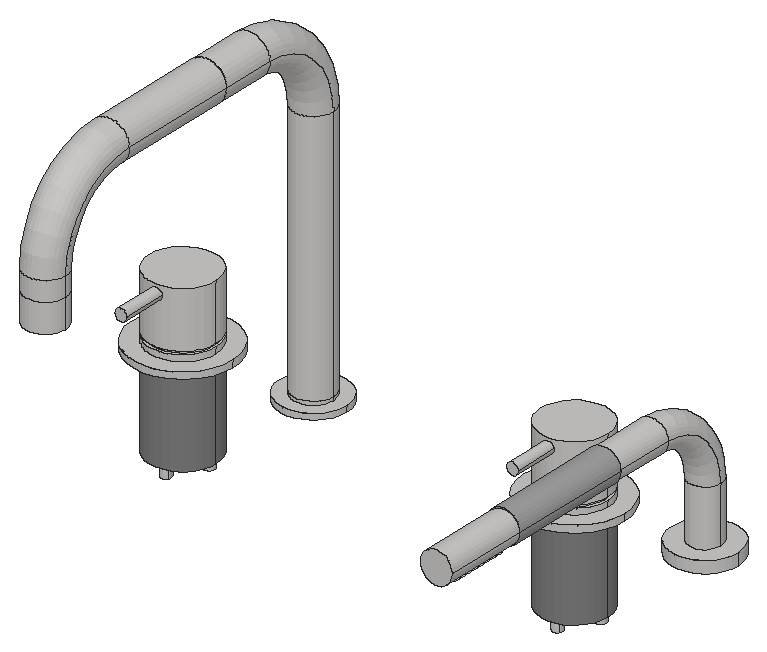
Revit family "SC10", category Plumbing Fixtures, Revit 2021
Family settings
  Round Connector Dimension = Use Diameter
  Part Type = Normal
  Work Plane-Based = No
  Always vertical = Yes
  Cut with Voids When Loaded = No
  Shared = No
  Room Calculation Point = No
Parameters
  e-mail = "info@vola.com"
  URL = "http://vola.com"
  Telephone = "+45 7023 5500"
  Quality management standard = "ISO 9001"
  Organisation no. / DUNS no. = "17531328"
  Occupational health and safety management standard = "ISO 18001"
  Mounting Instructions = "http://vola.com/service/producturl.ashx?name=SC10"
  Model = "SC10"
  Materials and components information = "http://vola.com/service/producturl.ashx?name=SC10"
  Manufacturer = "VOLA A/S"
  Maintenance Instructions = "http://vola.com/service/producturl.ashx?name=SC10"
  Guarantee = "2 years"
  Flow = "30,00 l/min"
  Environmental management standard = "ISO 14000"
  Default Elevation = 0.00 mm
  Connection - All relevant connections = "10mm flexible hose"
  Approvals = "http://vola.com/service/producturl.ashx?name=SC10"
Reference planes
  plane 1 "Center (Front/Back)": y = 0
  plane 2: z = 0
  plane 3 "Center (Left/Right)": x = 0
Dimensions and locks
  aligned and locked: plane 2 to level
Nested families
  nested 1: "090D" at (0, 0, 0), type "090D"
  nested 2: "500T1" at (234, 0, 0), type "500T1"
  nested 3: "2500" at (-78, 0, 0), type "2500"
Connectors
  piping at (-88.825, 6.25, -63), diameter 6
    settings: on nested 3, index 1, connector inside diameter 0.23622", connector length 0.00 mm, flow factor 0, pipe flow 0 GPM, pressure drop 0.00 psi, fitting loss kfactor 0, connector angle 0.00°, fixture units 0, engagement length 0.00 mm, angle of deflection 0.00°, flow configuration 0, flow direction 1, fitting loss method 0, system type 19, joint type 0, gender type 0, connector reference index -1, connector utility 0, adjustable connector no, is connector primary yes, connector description ""
  piping at (145.175, 6.25, -63), diameter 6
    settings: on nested 2, index 2, connector inside diameter 0.23622", connector length 0.00 mm, flow factor 0, pipe flow 0 GPM, pressure drop 0.00 psi, fitting loss kfactor 0, connector angle 0.00°, fixture units 0, engagement length 0.00 mm, angle of deflection 0.00°, flow configuration 0, flow direction 1, fitting loss method 0, system type 19, joint type 0, gender type 0, connector reference index -1, connector utility 0, adjustable connector no, is connector primary no, connector description ""
  piping at (-67.175, 6.25, -63), diameter 6
    settings: on nested 3, index 3, connector inside diameter 0.23622", connector length 0.00 mm, flow factor 0, pipe flow 0 GPM, pressure drop 0.00 psi, fitting loss kfactor 0, connector angle 0.00°, fixture units 0, engagement length 0.00 mm, angle of deflection 0.00°, flow configuration 0, flow direction 1, fitting loss method 0, system type 20, joint type 0, gender type 0, connector reference index -1, connector utility 0, adjustable connector no, is connector primary no, connector description ""
  piping at (166.825, 6.25, -63), diameter 6
    settings: on nested 2, index 4, connector inside diameter 0.23622", connector length 0.00 mm, flow factor 0, pipe flow 0 GPM, pressure drop 0.00 psi, fitting loss kfactor 0, connector angle 0.00°, fixture units 0, engagement length 0.00 mm, angle of deflection 0.00°, flow configuration 0, flow direction 1, fitting loss method 0, system type 20, joint type 0, gender type 0, connector reference index -1, connector utility 0, adjustable connector no, is connector primary no, connector description ""
Definition of nested family "090D"
  Parameters
    e-mail = "info@vola.com"
    URL = "http://vola.com"
    Telephone = "+45 7023 5500"
    Quality management standard = "ISO 9001"
    Organisation no. / DUNS no. = "17531328"
    Occupational health and safety management standard = "ISO 18001"
    Mounting Instructions = "http://vola.com/service/producturl.ashx?name=090D"
    Model = "090D"
    Materials and components information = "http://vola.com/service/producturl.ashx?name=090D"
    Manufacturer = "VOLA A/S"
    Maintenance Instructions = "http://vola.com/service/producturl.ashx?name=090D"
    Guarantee = "2 years"
    Environmental management standard = "ISO 14000"
    Default Elevation = 0.00 mm
    Connection - All relevant connections = ""
    Approvals = "http://vola.com/service/producturl.ashx?name=090D"
  Reference planes
    plane 1 "Center (Front/Back)": y = 0
    plane 2: z = 0
    plane 3 "Center (Left/Right)": x = 0
  Forms (mm)
    Sweep 1, solid
      path origin (0, 0, -1) x (0, 1, 0) y (0, 0, 1)
        loop
          line (0, 6.5) -> (0, 159)
          arc (0, 159) -> (-13.912, 192.588) -> (-47.5, 206.5) r 47.5
          line (-47.5, 206.5) -> (-80, 206.5)
      profile origin (0, 0, 81.75) x (0, -1, 0) y (1, 0, 0)
        loop
          circle (0, 0) r 12
    Extrusion 2, solid
      sketch origin (0, 0, 0) x (1, 0, 0) y (0, 1, 0)
        loop
          circle (0, 0) r 20
      from 0 to 3.5
    Extrusion 3, solid
      sketch origin (0, 0, 3.5) x (1, 0, 0) y (0, 1, 0)
        loop
          circle (0, 0) r 12
      from 0 to 2
    Sweep 4, solid
      path origin (0, 0, 1.5) x (0, 1, 0) y (0, 0, 1)
        loop
          line (-80, 204) -> (-152.5, 204)
          arc (-152.5, 204) -> (-186.088, 190.088) -> (-200, 156.5) r 47.5
          line (-200, 156.5) -> (-200, 145)
      profile origin (0, -116.25, 205.5) x (0, 0, -1) y (1, 0, 0)
        loop
          circle (0, 0) r 12
    Extrusion 5, solid
      sketch origin (0, -200, 146.5) x (0, -1, 0) y (-1, 0, 0)
        loop
          circle (0, 0) r 12
      from 0 to 17.2
  Cuts and joins
    joined: Sweep 1, Extrusion 2
  Dimensions and locks
    aligned and locked: plane 2 to level
Definition of nested family "500T1"
  Parameters
    e-mail = "info@vola.com"
    URL = "http://vola.com"
    Telephone = "+45 7023 5500"
    Quality management standard = "ISO 9001"
    Organisation no. / DUNS no. = "17531328"
    Occupational health and safety management standard = "ISO 18001"
    Mounting Instructions = "http://vola.com/service/producturl.ashx?name=500T1"
    Model = "500T1"
    Materials and components information = "http://vola.com/service/producturl.ashx?name=500T1"
    Manufacturer = "VOLA A/S"
    Maintenance Instructions = "http://vola.com/service/producturl.ashx?name=500T1"
    Guarantee = "2 years"
    Flow = "11,00 l/min"
    Environmental management standard = "ISO 14000"
    Default Elevation = 0.00 mm
    Connection - All relevant connections = "10mm flexible hose"
    Approvals = "http://vola.com/service/producturl.ashx?name=500T1"
  Reference planes
    plane 1 "Center (Front/Back)": y = 0
    plane 2: z = 0
    plane 3 "Center (Left/Right)": x = 0
  Dimensions and locks
    aligned and locked: plane 2 to level
  Nested families
    nested 1: "T1" at (0, 0, 0), type "T1"
    nested 2: "500" at (-78, 0, 0), type "500"
  Connectors
    piping at (-88.825, 6.25, -63), diameter 6
      settings: on nested 2, index 1, connector inside diameter 0.23622", connector length 0.00 mm, flow factor 0, pipe flow 0 GPM, pressure drop 0.00 psi, fitting loss kfactor 0, connector angle 0.00°, fixture units 0, engagement length 0.00 mm, angle of deflection 0.00°, flow configuration 0, flow direction 1, fitting loss method 0, system type 19, joint type 0, gender type 0, connector reference index -1, connector utility 0, adjustable connector no, is connector primary yes, connector description ""
    piping at (-67.175, 6.25, -63), diameter 6
      settings: on nested 2, index 2, connector inside diameter 0.23622", connector length 0.00 mm, flow factor 0, pipe flow 0 GPM, pressure drop 0.00 psi, fitting loss kfactor 0, connector angle 0.00°, fixture units 0, engagement length 0.00 mm, angle of deflection 0.00°, flow configuration 0, flow direction 1, fitting loss method 0, system type 20, joint type 0, gender type 0, connector reference index -1, connector utility 0, adjustable connector no, is connector primary no, connector description ""
  Definition of nested family "T1"
    Parameters
      e-mail = "info@vola.com"
      URL = "http://vola.com"
      Telephone = "+45 7023 5500"
      Quality management standard = "ISO 9001"
      Organisation no. / DUNS no. = "17531328"
      Occupational health and safety management standard = "ISO 18001"
      Mounting Instructions = "http://vola.com/service/producturl.ashx?name=T1"
      Model = "T1"
      Materials and components information = "http://vola.com/service/producturl.ashx?name=T1"
      Manufacturer = "VOLA A/S"
      Maintenance Instructions = "http://vola.com/service/producturl.ashx?name=T1"
      Guarantee = "2 years"
      Environmental management standard = "ISO 14000"
      Default Elevation = 0.00 mm
      Connection - All relevant connections = ""
      Approvals = "http://vola.com/service/producturl.ashx?name=T1"
    Reference planes
      plane 1 "Center (Front/Back)": y = 0
      plane 2: z = 0
      plane 3 "Center (Left/Right)": x = 0
    Forms (mm)
      Extrusion 1, solid
        sketch origin (0, 0, 0) x (1, 0, 0) y (0, 1, 0)
          loop
            circle (0, 0) r 20
        from 0 to 7
      Sweep 2, solid
        path origin (0, 0, 0) x (0, 1, 0) y (0, 0, 1)
          loop
            line (0, 7) -> (0, 40.5)
            arc (0, 40.5) -> (-11.569, 68.431) -> (-39.5, 80) r 39.5
            line (-39.5, 80) -> (-75.5, 80)
        profile origin (0, 0, 23.75) x (0, -1, 0) y (1, 0, 0)
          loop
            circle (0, 0) r 9.5
      Extrusion 3, solid
        sketch origin (0, -75.5, 80) x (1, 0, 0) y (0, 0, 1)
          loop
            circle (0, 0) r 10
        from 0 to 75
      Extrusion 4, solid
        sketch origin (0, -150.5, 80) x (1, 0, 0) y (0, 0, 1)
          loop
            circle (0, 0) r 9.5
        from 0 to 50
      Extrusion 5, solid
        sketch origin (0, 9.25, 62.884) x (1, 0, 0) y (0, 1, 0)
          loop
            circle (0, -200.45) r 1.225
          loop
            circle (0, -195.95) r 1.225
          loop
            circle (0, -191.45) r 1.225
          loop
            circle (0, -186.95) r 1.225
          loop
            circle (0, -182.45) r 1.225
          loop
            circle (0, -177.95) r 1.225
          loop
            circle (0, -173.45) r 1.225
          loop
            circle (0, -168.95) r 1.225
        from 7.116 to 10.217
      Extrusion 6, solid
        sketch origin (8.298, 9.25, 65.03) x (-0.87462, 0, -0.48481) y (0, -1, 0)
          loop
            circle (0, 200.45) r 1.225
          loop
            circle (0, 195.95) r 1.225
          loop
            circle (0, 191.45) r 1.225
          loop
            circle (0, 186.95) r 1.225
          loop
            circle (0, 182.45) r 1.225
          loop
            circle (0, 177.95) r 1.225
          loop
            circle (0, 173.45) r 1.225
          loop
            circle (0, 168.95) r 1.225
        from 7.116 to 10.217
      Extrusion 7, solid
        sketch origin (-8.298, 9.25, 65.03) x (0.87462, 0, -0.48481) y (0, 1, 0)
          loop
            circle (0, -200.45) r 1.225
          loop
            circle (0, -195.95) r 1.225
          loop
            circle (0, -191.45) r 1.225
          loop
            circle (0, -186.95) r 1.225
          loop
            circle (0, -182.45) r 1.225
          loop
            circle (0, -177.95) r 1.225
          loop
            circle (0, -173.45) r 1.225
          loop
            circle (0, -168.95) r 1.225
        from 7.116 to 10.217
    Cuts and joins
      joined: Extrusion 4, Extrusion 5, Extrusion 6, Extrusion 7
    Dimensions and locks
      aligned and locked: plane 2 to level
  Definition of nested family "500"
    Parameters
      e-mail = "info@vola.com"
      URL = "http://vola.com"
      Telephone = "+45 7023 5500"
      Quality management standard = "ISO 9001"
      Organisation no. / DUNS no. = "17531328"
      Occupational health and safety management standard = "ISO 18001"
      Mounting Instructions = "http://vola.com/service/producturl.ashx?name=500"
      Model = "500"
      Materials and components information = "http://vola.com/service/producturl.ashx?name=500"
      Manufacturer = "VOLA A/S"
      Maintenance Instructions = "http://vola.com/service/producturl.ashx?name=500"
      Guarantee = "2 years"
      Flow = "14,50 l/min"
      Environmental management standard = "ISO 14000"
      Default Elevation = 0.00 mm
      Connection - All relevant connections = "10mm flexible hose"
      Approvals = "http://vola.com/service/producturl.ashx?name=500"
    Reference planes
      plane 1 "Center (Front/Back)": y = 0
      plane 2: z = 0
      plane 3 "Center (Left/Right)": x = 0
    Forms (mm)
      Extrusion 1, solid
        sketch origin (0, 0, 0) x (1, 0, 0) y (0, 1, 0)
          loop
            circle (0, 0) r 30
        from 0 to 4
      Extrusion 2, solid
        sketch origin (0, 0, 7.5) x (1, 0, 0) y (0, 1, 0)
          loop
            circle (0, 0) r 18.25
        from 0 to 2
      Extrusion 3, solid
        sketch origin (0, 0, 9.5) x (1, 0, 0) y (0, 1, 0)
          loop
            circle (0, 0) r 20
        from 0 to 33.5
      Extrusion 4, solid
        sketch origin (0, 0, 3.25) x (1, 0, 0) y (0, 0, 1)
          loop
            circle (0, 34.5) r 3.5
        from 0 to 46
      Extrusion 5, solid
        sketch origin (0, 0, 0) x (0, 1, 0) y (1, 0, 0)
          loop
            circle (0, 0) r 20
        from 0 to 55
      Extrusion 6, solid
        sketch origin (0, 0, -55) x (0, 1, 0) y (1, 0, 0)
          loop
            circle (6.25, 10.825) r 3
          loop
            circle (6.25, -10.825) r 3
          loop
            circle (-12.5, 0) r 3
        from 0 to 8
      Extrusion 7, solid
        sketch origin (0, 0, 4) x (1, 0, 0) y (0, 1, 0)
          loop
            circle (0, 0) r 20
        from 0 to 3.5
    Cuts and joins
      joined: Extrusion 3, Extrusion 4
    Lines and regions (mm)
      model lines
        curve 1: line (6.05, -19.063, 43) -> (6.05, 19.063, 43)
        curve 2: line (-6.05, -19.063, 43) -> (-6.05, 19.063, 43)
      reference lines
        curve 3: line (-10.825, 6.25, -55) -> (-10.825, 6.25, -80)
        curve 4: line (10.825, 6.25, -55) -> (10.825, 6.25, -80)
    Dimensions and locks
      aligned and locked: plane 2 to level
Definition of nested family "2500"
  Parameters
    e-mail = "info@vola.com"
    URL = "http://vola.com"
    Telephone = "+45 7023 5500"
    Quality management standard = "ISO 9001"
    Organisation no. / DUNS no. = "17531328"
    Occupational health and safety management standard = "ISO 18001"
    Mounting Instructions = "http://vola.com/service/producturl.ashx?name=2500"
    Model = "2500"
    Materials and components information = "http://vola.com/service/producturl.ashx?name=2500"
    Manufacturer = "VOLA A/S"
    Maintenance Instructions = "http://vola.com/service/producturl.ashx?name=2500"
    Guarantee = "2 years"
    Flow = "18,70 l/min"
    Environmental management standard = "ISO 14000"
    Default Elevation = 0.00 mm
    Connection - All relevant connections = "10mm flexible hose"
    Approvals = "http://vola.com/service/producturl.ashx?name=2500"
  Reference planes
    plane 1 "Center (Front/Back)": y = 0
    plane 2: z = 0
    plane 3 "Center (Left/Right)": x = 0
  Forms (mm)
    Extrusion 1, solid
      sketch origin (0, 0, 0) x (1, 0, 0) y (0, 1, 0)
        loop
          circle (0, 0) r 30
      from 0 to 4
    Extrusion 2, solid
      sketch origin (0, 0, 7.5) x (1, 0, 0) y (0, 1, 0)
        loop
          circle (0, 0) r 18.25
      from 0 to 2
    Extrusion 3, solid
      sketch origin (0, 0, 9.5) x (1, 0, 0) y (0, 1, 0)
        loop
          circle (0, 0) r 20
      from 0 to 33.5
    Extrusion 4, solid
      sketch origin (0, 0, 3.25) x (1, 0, 0) y (0, 0, 1)
        loop
          circle (0, 34.5) r 3.5
      from 0 to 46
    Extrusion 5, solid
      sketch origin (0, 0, 0) x (0, 1, 0) y (1, 0, 0)
        loop
          circle (0, 0) r 20
      from 0 to 55
    Extrusion 6, solid
      sketch origin (0, 0, -55) x (0, 1, 0) y (1, 0, 0)
        loop
          circle (6.25, 10.825) r 3
        loop
          circle (6.25, -10.825) r 3
        loop
          circle (-12.5, 0) r 3
      from 0 to 8
    Extrusion 7, solid
      sketch origin (0, 0, 4) x (1, 0, 0) y (0, 1, 0)
        loop
          circle (0, 0) r 20
      from 0 to 3.5
  Cuts and joins
    joined: Extrusion 3, Extrusion 4
  Lines and regions (mm)
    model lines
      curve 1: line (6.05, -19.063, 43) -> (6.05, 19.063, 43)
      curve 2: line (-6.05, -19.063, 43) -> (-6.05, 19.063, 43)
    reference lines
      curve 3: line (-10.825, 6.25, -55) -> (-10.825, 6.25, -80)
      curve 4: line (10.825, 6.25, -55) -> (10.825, 6.25, -80)
  Dimensions and locks
    aligned and locked: plane 2 to level
